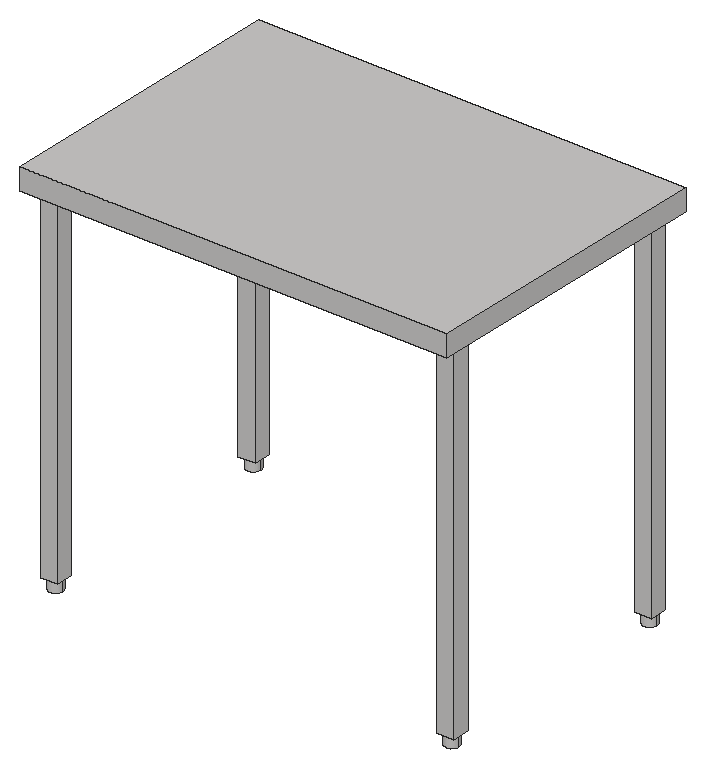
Revit family "QF_ZANUSSI_132723_TG1000PN", category Attrezzature speciali, Revit 2020
Family settings
  Quota connettore circolare = Usa diametro
  Tipo di parte = Normale
  Basato su piano di lavoro = No
  Sempre verticale = Sì
  Taglio con vuoti quando caricato = No
  Condiviso = No
  Punto di calcolo locali = No
Parameters (values of type "Standard")
  Weight = 24.40 kg
  Watts = 0 W
  Volts = 0 V
  URL Manufacturer = "http://www.zanussiprofessional.com"
  URL = "http://www.zanussiprofessional.com"
  Steam Supply Size = 0 mm
  Steam Supply Minimum Pressure = 0.0 Pa
  Steam Supply Maximum Pressure = 0.0 Pa
  Steam Consumption per Hour = 0
  Refrigeration Suction Line Size = 0.0 mm
  Refrigeration Liquid Line Size = 0.0 mm
  Refrigerant Compressor Remote = yes
  Prospetto di default = 0.0 mm
  Produttore = "Zanussi"
  Phase = 0
  Modello = "TG1000PN"
  Length Actual = 1000.0 mm  # constant formula
  Item Number = "132723"
  Hot Water Size = 0 mm
  Height Actual = 900.0 mm  # constant formula
  HP = "0 HP"
  Gas Size = 0 mm
  Gas KW = 0
  Gas Input Pressure = 0 W
  Direct Waste Size = 0 mm
  Descrizione = "WORK TABLE 1000 MM"
  Depth Actual = 700.0 mm  # constant formula
  Cycle = 0 Hz
  Condensate Return Size = 0 mm
  Compressed Air Volume = 0.0 L/s
  Compressed Air Size = 0 mm
  Compressed Air Pressure = 0.0 Pa
  Cold Water Size = 0 mm
  Accessory = yes
Reference planes
  plane 1 "Center (Front/Back)": y = 0
  plane 2: z = 0
  plane 3 "Center (Left/Right)": x = 0
  plane 4 "LEFT": x = -500
  plane 5 "RIGHT": x = 500
  plane 6 "BACK": y = 350
  plane 7 "FRONT": y = -350
  plane 8 "Base": z = 850
  plane 9 "TOP": z = 900
  plane 10: x = -464.5
  plane 11: x = 464.5
  plane 12: y = 290
  plane 13: y = -290
Forms (mm)
  Extrusion 1, solid, material "QF_Finishes_Stainless Steel"
    sketch origin (0, 0, 0) x (0, 1, 0) y (0, 0, 1)
      loop
        line (-350, 850) -> (350, 850) -> (350, 900) -> (-350, 900) -> (-350, 850)
    from 500 to -500
Lines and regions (mm)
  symbolic lines
    curve 1: line (500, 350, 900) -> (-500, 350, 900)
    curve 2: line (-500, 350, 900) -> (-500, -350, 900)
    curve 3: line (-500, -350, 900) -> (500, -350, 900)
    curve 4: line (500, -350, 900) -> (500, 350, 900)
Dimensions and locks
  plane 4 "LEFT" to plane 5 "RIGHT" = 1000.0 mm
  equal spacing: plane 4 "LEFT", plane 3 "Center (Left/Right)", plane 5 "RIGHT"
  locked: plane 8 "Base" to level at 850
  plane 4 "LEFT" to plane 10 = 35.5 mm
  plane 11 to plane 5 "RIGHT" = 35.5 mm
  plane 10 to plane 11 = 929.0 mm
  locked: plane 9 "TOP" to level at 900
  plane 6 "BACK" to plane 12 = 60.0 mm
  plane 13 to plane 7 "FRONT" = 60.0 mm
  plane 6 "BACK" to plane 7 "FRONT" = 700.0 mm
  plane 12 to plane 13 = 580.0 mm
  equal spacing: plane 6 "BACK", plane 1 "Center (Front/Back)", plane 7 "FRONT"
  aligned and locked: level to plane 2
  aligned and locked: plane 10 to nested 1
  aligned and locked: nested 1 to plane 13
  aligned and locked: plane 11 to nested 2
  aligned and locked: nested 2 to plane 13
  aligned and locked: plane 11 to nested 4
  aligned and locked: nested 4 to plane 12
  aligned and locked: plane 10 to nested 3
  aligned and locked: nested 3 to plane 12
  aligned and locked: Extrusion 1 to plane 4 "LEFT"
  aligned and locked: plane 5 "RIGHT" to Extrusion 1
  aligned and locked: curve 2 to plane 4 "LEFT"
Automatic sketch dimensions
  Extrusion 1 sketch curve to plane 7 "FRONT" = 0.0 mm
  Extrusion 1 sketch curve to plane 8 "Base" = 0.0 mm
  curve 3 to plane 7 "FRONT" = 0.0 mm
  curve 4 to plane 6 "BACK" = 0.0 mm
  Extrusion 1 sketch curve to plane 9 "TOP" = 0.0 mm
  Extrusion 1 sketch curve to plane 6 "BACK" = 0.0 mm
  curve 4 to plane 5 "RIGHT" = 0.0 mm
Nested families
  nested 1: "FEET_40x40" at (-464.5, -290, 0), type "FEET_40x40"
  nested 2: "FEET_40x40" at (464.5, -290, 0), type "FEET_40x40"
  nested 3: "FEET_40x40" at (-464.5, 290, 0), type "FEET_40x40"
  nested 4: "FEET_40x40" at (464.5, 290, 0), type "FEET_40x40"
Definition of nested family "FEET_40x40"
  Parameters
    Default Elevation = 0.0 mm
    FEET = 850.0 mm
  Reference planes
    plane 1 "Center (Front/Back)": y = 0
    plane 2: z = 0
    plane 3 "Center (Left/Right)": x = 0
    plane 4: z = 850
  Forms (mm)
    Extrusion 1, solid
      sketch origin (0, 0, 0) x (1, 0, 0) y (0, 1, 0)
        loop
          line (-20, -20) -> (20, -20) -> (20, 20) -> (-20, 20) -> (-20, -20)
      from 25 to 845
    Extrusion 2, solid
      sketch origin (0, 0, 0) x (1, 0, 0) y (0, 1, 0)
        loop
          circle (0, 0) r 16
      from 0 to 25
    Extrusion 3, solid
      sketch origin (0, 0, 0) x (1, 0, 0) y (0, 1, 0)
        loop
          line (30, 30) -> (-30, 30) -> (-30, -30) -> (30, -30) -> (30, 30)
      from 845 to 850
  Lines and regions (mm)
    symbolic lines
      curve 1: line (0, -1.503, 0) -> (0, 1.508, 0)
      curve 2: line (1.561, 0, 0) -> (-1.439, 0, 0)
  Dimensions and locks
    "FEET": plane 4 to plane 2
    aligned and locked: level to plane 2
  Automatic sketch dimensions
    Extrusion 1 sketch curve to plane 3 "Center (Left/Right)" = 20.0 mm
    plane 3 "Center (Left/Right)" to Extrusion 1 sketch curve = 20.0 mm
    plane 1 "Center (Front/Back)" to Extrusion 1 sketch curve = 20.0 mm
    Extrusion 1 sketch curve to plane 1 "Center (Front/Back)" = 20.0 mm
    plane 1 "Center (Front/Back)" to Extrusion 2 sketch curve = 0.0 mm
    Extrusion 2 sketch curve to plane 3 "Center (Left/Right)" = 0.0 mm
    plane 3 "Center (Left/Right)" to Extrusion 3 sketch curve = 30.0 mm
    Extrusion 3 sketch curve to plane 1 "Center (Front/Back)" = 30.0 mm
    Extrusion 3 sketch curve to plane 3 "Center (Left/Right)" = 30.0 mm
    plane 1 "Center (Front/Back)" to Extrusion 3 sketch curve = 30.0 mm
    plane 1 "Center (Front/Back)" to curve 2 = 0.0 mm
    curve 1 to plane 3 "Center (Left/Right)" = 0.0 mm
    curve 2 to plane 3 "Center (Left/Right)" = 1.439 mm
    plane 3 "Center (Left/Right)" to curve 2 = 1.561 mm
    plane 1 "Center (Front/Back)" to curve 1 = 1.503 mm
    curve 1 to plane 1 "Center (Front/Back)" = 1.508 mm
    radius of Extrusion 2 sketch curve = 16.0 mm
